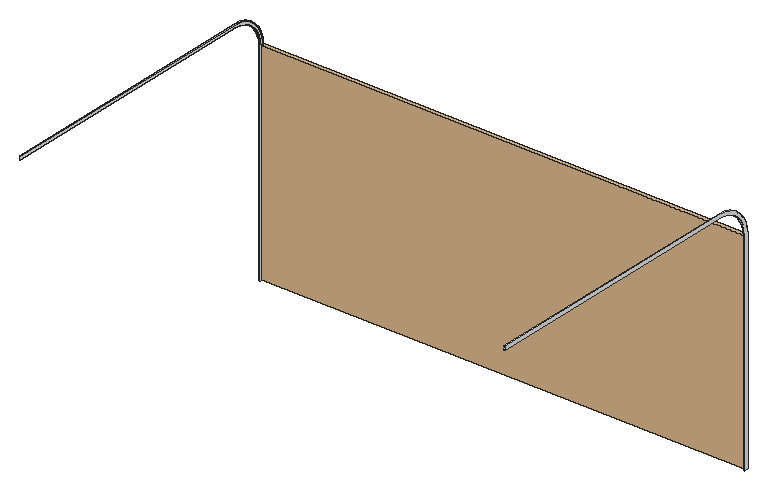
Revit family
Parameters (values of type "7Ft H x 16Ft W")
  Track Width = Width + 0' 2"  # 16' - 2"
  Track Height = Height + 1' 0"  # 8' - 0"
  Track Depth = 10' - 0"
  SmartBIM Object Version = 1  # constant formula
  SmartBIM Object Created By = "Reed Construction Data"  # constant formula
  Rough Width = 0' - 0"
  Rough Height = 0' - 0"
  Panel Thickness = 0' - 1 1/2"
  Manufacturer = ""
  Height = 7' - 0"
  Wall Closure = (empty or 0)
  Width = 16' - 0"
  Door Glass = Glass
  Door = Wood
  95 CSI = "08360"  # constant formula
  04 CSI = "08 36 13"  # constant formula
Types (3): name | Track Width | Width
  (no name) | 16' - 2" | 16' - 0"
  7Ft H x 8Ft W | 8' - 2" | 8' - 0"
  7Ft H x 16Ft W | 16' - 2" | 16' - 0"
Reference planes (in)
  plane 1 "Center (Front/Back)": y = 0
  plane 2 "Center (Left/Right)": x = 0
  plane 3 "Left": x = -96
  plane 4 "Right": x = 96
  plane 5 "Top": z = 84
  plane 6: x = -97
  plane 7: x = 97
  plane 8: y = -3.25
  plane 9: z = 60.75
  plane 10: z = 39.16667
  plane 11: z = 81
  plane 12: y = -2.5
  plane 13: y = -2.5
  plane 14 "Ext": y = -3.25
  plane 15: y = -2.5
  plane 16 "Int": y = -1.75
  plane 17: z = 77
  plane 18: x = 94
  plane 19: x = -94
  plane 20: x = 4
  plane 21: x = 50
  plane 22: z = 73
  plane 23: x = -4
  plane 24: z = 58.75
  plane 25: z = 40.16667
  plane 26: z = 38.16667
  plane 27: z = 1
  plane 28: y = -3
  plane 29: z = 19.58333
  plane 30: z = 20.58333
  plane 31: z = 18.58333
  plane 32: z = 58.25
  plane 33: x = 93.5
  plane 34: x = 4.5
  plane 35: x = -4.5
  plane 36: x = -94
  plane 37: x = -93.5
  plane 38: x = 49
  plane 39: x = 51
  plane 40: x = -50
  plane 41: x = -48
  plane 42: x = -49
  plane 43: x = 72.25
  plane 44: x = 73.25
  plane 45: x = 71.25
  plane 46: x = 26.75
  plane 47: x = 27.75
  plane 48: x = 25.75
  plane 49: x = -26.25
  plane 50: x = -25.25
  plane 51: x = -27.25
  plane 52: x = -71.75
  plane 53: x = -70.75
  plane 54: x = -72.75
Forms (in)
  Extrusion 1, solid, material "Wood" <- "Door"
    sketch origin (0, 0, 0) x (1, 0, 0) y (0, 0, 1)
      loop
        line (-97, 84) -> (-97, 0) -> (97, 0) -> (97, 84) -> (-97, 84)
    from 1.75 to 3.25
Lines and regions (in)
  Opening 1
    outline origin (-90, -1.75, 0) x (1, 0, 0) y (0, 0, 1)
      loop
        line (-6, 0) -> (186, 0) -> (186, 84) -> (-6, 84) -> (-6, 0)
  model lines
    curve 1: line (-4.5, -1.75, 58.25) -> (-25.25, -1.75, 58.25)
    curve 2: line (-93.5, -1.75, 58.25) -> (-93.5, -1.75, 1)
    curve 3: line (-93.5, -1.75, 1) -> (-72.75, -1.75, 1)
    curve 4: line (-4.5, -1.75, 1) -> (-4.5, -1.75, 58.25)
    curve 5: line (93.5, -1.75, 73) -> (93.5, -1.75, 60.75)
    curve 6: line (51, -1.75, 60.75) -> (93.5, -1.75, 60.75)
    curve 7: line (4.5, -1.75, 72.68863) -> (4.5, -1.75, 60.75)
    curve 8: line (4.5, -1.75, 60.75) -> (49, -1.75, 60.75)
    curve 9: line (49, -1.75, 60.75) -> (49, -1.75, 77)
    curve 10: line (51, -1.75, 60.75) -> (51, -1.75, 77)
    curve 11: line (93.5, -1.75, 58.25) -> (73.25, -1.75, 58.25)
    curve 12: line (93.5, -1.75, 1) -> (93.5, -1.75, 58.25)
    curve 13: line (4.5, -1.75, 1) -> (25.75, -1.75, 1)
    curve 14: line (4.5, -1.75, 58.25) -> (4.5, -1.75, 1)
    curve 15: arc (93.5, -1.75, 73) -> (72.33628, -1.75, 75.91668) -> (51, -1.75, 77) r 247.85136
    curve 16: arc (4.5, -1.75, 72.68863) -> (26.65254, -1.75, 75.85022) -> (49, -1.75, 77) r 247.73445
    curve 17: line (-4, -1.75, 73.11451) -> (-4, -1.75, 60.75)
    curve 18: line (-4, -1.75, 60.75) -> (-48, -1.75, 60.75)
    curve 19: line (-48, -1.75, 60.75) -> (-48, -1.75, 77.73821)
    curve 20: arc (-4, -1.75, 73.11451) -> (-25.8791, -1.75, 76.57691) -> (-48, -1.75, 77.73821) r 212.07162
    curve 21: line (-93.5, -1.75, 73) -> (-93.5, -1.75, 60.75)
    curve 22: line (-50, -1.75, 60.75) -> (-93.5, -1.75, 60.75)
    curve 23: line (-50, -1.75, 60.75) -> (-50, -1.75, 77.68077)
    curve 24: arc (-93.5, -1.75, 73) -> (-71.87065, -1.75, 76.46167) -> (-50, -1.75, 77.68077) r 212.72761
    curve 25: arc (-93.5, -3.25, 73) -> (-71.87065, -3.25, 76.46167) -> (-50, -3.25, 77.68077) r 212.72761
    curve 26: line (-50, -3.25, 77.68077) -> (-50, -3.25, 60.75)
    curve 27: line (-50, -3.25, 60.75) -> (-93.5, -3.25, 60.75)
    curve 28: line (-93.5, -3.25, 60.75) -> (-93.5, -3.25, 73)
    curve 29: arc (-4, -3.25, 73.11451) -> (-25.8791, -3.25, 76.57691) -> (-48, -3.25, 77.73821) r 212.07162
    curve 30: line (-48, -3.25, 77.73821) -> (-48, -3.25, 60.75)
    curve 31: line (-48, -3.25, 60.75) -> (-4, -3.25, 60.75)
    curve 32: line (-4, -3.25, 60.75) -> (-4, -3.25, 73.11451)
    curve 33: arc (4.5, -3.25, 72.68863) -> (26.65254, -3.25, 75.85022) -> (49, -3.25, 77) r 247.73445
    curve 34: line (49, -3.25, 77) -> (49, -3.25, 60.75)
    curve 35: line (49, -3.25, 60.75) -> (4.5, -3.25, 60.75)
    curve 36: line (4.5, -3.25, 60.75) -> (4.5, -3.25, 72.68863)
    curve 37: arc (93.5, -3.25, 73) -> (72.33628, -3.25, 75.91668) -> (51, -3.25, 77) r 247.85136
    curve 38: line (51, -3.25, 77) -> (51, -3.25, 60.75)
    curve 39: line (51, -3.25, 60.75) -> (93.5, -3.25, 60.75)
    curve 40: line (93.5, -3.25, 60.75) -> (93.5, -3.25, 73)
    curve 41: line (93.5, -3.25, 58.25) -> (73.25, -3.25, 58.25)
    curve 42: line (4.5, -3.25, 58.25) -> (4.5, -3.25, 1)
    curve 43: line (4.5, -3.25, 1) -> (25.75, -3.25, 1)
    curve 44: line (93.5, -3.25, 1) -> (93.5, -3.25, 58.25)
    curve 45: line (-4.5, -3.25, 58.25) -> (-25.25, -3.25, 58.25)
    curve 46: line (-93.5, -3.25, 58.25) -> (-93.5, -3.25, 1)
    curve 47: line (-93.5, -3.25, 1) -> (-72.75, -3.25, 1)
    curve 48: line (-4.5, -3.25, 1) -> (-4.5, -3.25, 58.25)
    curve 49: line (51, -1.75, 1) -> (51, -1.75, 58.25)
    curve 50: line (49, -1.75, 58.25) -> (49, -1.75, 1)
    curve 51: line (51, -1.75, 1) -> (71.25, -1.75, 1)
    curve 52: line (49, -1.75, 58.25) -> (27.75, -1.75, 58.25)
    curve 53: line (-48, -1.75, 1) -> (-48, -1.75, 58.25)
    curve 54: line (-50, -1.75, 1) -> (-50, -1.75, 58.25)
    curve 55: line (-48, -1.75, 1) -> (-27.25, -1.75, 1)
    curve 56: line (-50, -1.75, 58.25) -> (-70.75, -1.75, 58.25)
    curve 57: line (73.25, -1.75, 58.25) -> (73.25, -1.75, 1)
    curve 58: line (71.25, -1.75, 58.25) -> (71.25, -1.75, 1)
    curve 59: line (27.75, -1.75, 58.25) -> (27.75, -1.75, 1)
    curve 60: line (25.75, -1.75, 58.25) -> (25.75, -1.75, 1)
    curve 61: line (-25.25, -1.75, 58.25) -> (-25.25, -1.75, 1)
    curve 62: line (-27.25, -1.75, 58.25) -> (-27.25, -1.75, 1)
    curve 63: line (-70.75, -1.75, 58.25) -> (-70.75, -1.75, 1)
    curve 64: line (-72.75, -1.75, 58.25) -> (-72.75, -1.75, 1)
    curve 65: line (-70.75, -1.75, 1) -> (-50, -1.75, 1)
    curve 66: line (-25.25, -1.75, 1) -> (-4.5, -1.75, 1)
    curve 67: line (27.75, -1.75, 1) -> (49, -1.75, 1)
    curve 68: line (73.25, -1.75, 1) -> (93.5, -1.75, 1)
    curve 69: line (-72.75, -1.75, 58.25) -> (-93.5, -1.75, 58.25)
    curve 70: line (-27.25, -1.75, 58.25) -> (-48, -1.75, 58.25)
    curve 71: line (25.75, -1.75, 58.25) -> (4.5, -1.75, 58.25)
    curve 72: line (71.25, -1.75, 58.25) -> (51, -1.75, 58.25)
    curve 73: line (-72.75, -3.25, 1) -> (-72.75, -3.25, 58.25)
    curve 74: line (-70.75, -3.25, 1) -> (-70.75, -3.25, 58.25)
    curve 75: line (-27.25, -3.25, 1) -> (-27.25, -3.25, 58.25)
    curve 76: line (-25.25, -3.25, 1) -> (-25.25, -3.25, 58.25)
    curve 77: line (25.75, -3.25, 1) -> (25.75, -3.25, 58.25)
    curve 78: line (27.75, -3.25, 1) -> (27.75, -3.25, 58.25)
    curve 79: line (71.25, -3.25, 1) -> (71.25, -3.25, 58.25)
    curve 80: line (73.25, -3.25, 1) -> (73.25, -3.25, 58.25)
    curve 81: line (71.25, -3.25, 58.25) -> (51, -3.25, 58.25)
    curve 82: line (25.75, -3.25, 58.25) -> (4.5, -3.25, 58.25)
    curve 83: line (73.25, -3.25, 1) -> (93.5, -3.25, 1)
    curve 84: line (27.75, -3.25, 1) -> (49, -3.25, 1)
    curve 85: line (-25.25, -3.25, 1) -> (-4.5, -3.25, 1)
    curve 86: line (-70.75, -3.25, 1) -> (-50, -3.25, 1)
    curve 87: line (-72.75, -3.25, 58.25) -> (-93.5, -3.25, 58.25)
    curve 88: line (-27.25, -3.25, 58.25) -> (-48, -3.25, 58.25)
    curve 89: line (-48, -3.25, 58.25) -> (-48, -3.25, 1)
    curve 90: line (-50, -3.25, 1) -> (-50, -3.25, 58.25)
    curve 91: line (49, -3.25, 1) -> (49, -3.25, 58.25)
    curve 92: line (51, -3.25, 58.25) -> (51, -3.25, 1)
    curve 93: line (49, -3.25, 58.25) -> (27.75, -3.25, 58.25)
    curve 94: line (51, -3.25, 1) -> (71.25, -3.25, 1)
    curve 95: line (-48, -3.25, 1) -> (-27.25, -3.25, 1)
    curve 96: line (-50, -3.25, 58.25) -> (-70.75, -3.25, 58.25)
Text (in)
  text "Exterior" at (-74.96733, 27.31104, 0), in view "Ref. Level"
  text "Interior" at (-76.69036, -30.31274, 0), in view "Ref. Level"
  text "Exterior" at (0, 40.15149, 123.01588), in view "Right"
  text "Interior" at (0, -64.39139, 123.01588), in view "Right"
  text "Interior" at (0, -31.01599, 123.00693), in view "Left"
  text "Exterior" at (0, 54.57065, 123.00693), in view "Left"
Dimensions and locks (in)
  equal spacing: plane 3 "Left", plane 2 "Center (Left/Right)", plane 4 "Right"
  "Height": level to plane 5 "Top"
  "Width": plane 3 "Left" to plane 4 "Right"
  locked: plane 6 to plane 3 "Left" at 1
  locked: plane 4 "Right" to plane 7 at 1
  locked: plane 11 to plane 5 "Top" at 3
  host wall to plane 12 to plane 8 = 0' - 0 3/4", 0' - 0 3/4"
  equal spacing: plane 14 "Ext", plane 15, plane 16 "Int"
  "Panel Thickness": plane 16 "Int" to plane 14 "Ext"
  locked: plane 17 to plane 11 at 4
  locked: plane 18 to plane 4 "Right" at 2
  locked: plane 3 "Left" to plane 19 at 2
  locked: plane 22 to plane 17 at 4
  locked: plane 24 to plane 9 at 2
  locked: plane 9 to plane 11 at 20.25
  locked: plane 10 to plane 25 at 1
  locked: plane 26 to plane 10 at 1
  locked: plane 27 to level at 1
  locked: plane 28 to plane 15 at 0.5
  locked: plane 29 to plane 30 at 1
  locked: plane 31 to plane 29 at 1
  equal spacing: level, plane 29, plane 10, plane 24
  equal spacing: plane 20, plane 21, plane 4 "Right"
  locked: plane 23 to plane 35 at 0.5
  locked: plane 33 to plane 18 at 0.5
  locked: curve 15 to plane 11 at 4
  locked: curve 16 to plane 11 at 4
  locked: plane 36 to plane 37 at 0.5
  equal spacing: plane 34, plane 38, plane 33
  locked: plane 20 to plane 34 at 0.5
  equal spacing: plane 23, plane 40, plane 3 "Left"
  equal spacing: plane 37, plane 42, plane 35
  equal spacing: plane 35, plane 2 "Center (Left/Right)", plane 34  (x2)
  equal spacing: plane 23, plane 2 "Center (Left/Right)", plane 20
  equal spacing: plane 38, plane 21, plane 39
  equal spacing: curve 54, plane 42, plane 41
  locked: plane 45 to plane 43 at 1
  locked: plane 43 to plane 44 at 1
  locked: plane 48 to plane 46 at 1
  locked: plane 46 to plane 47 at 1
  locked: plane 51 to plane 49 at 1
  locked: plane 49 to plane 50 at 1
  locked: plane 54 to plane 52 at 1
  locked: plane 52 to plane 53 at 1
  equal spacing: plane 41, plane 49, plane 35
  equal spacing: plane 40, plane 52, plane 37
  equal spacing: plane 39, plane 43, plane 33
  equal spacing: plane 34, plane 46, plane 38
  locked: plane 32 to plane 11 at 22.75
  aligned and locked: plane 3 "Left" to Opening 1 sketch curve
  aligned and locked: plane 5 "Top" to Opening 1 sketch curve
  aligned and locked: Opening 1 sketch curve to plane 5 "Top"
  aligned and locked: Opening 1 sketch curve to plane 4 "Right"
  aligned and locked: Opening 1 sketch curve to level
  aligned and locked: Extrusion 1 sketch curve to plane 6
  aligned and locked: Extrusion 1 sketch curve to plane 7
  aligned and locked: Extrusion 1 sketch curve to level
  aligned and locked: Extrusion 1 sketch curve to host wall
  aligned and locked: plane 12 to plane 13
  aligned and locked: host wall to plane 16 "Int"
  aligned and locked: plane 13 to plane 15
  aligned and locked: plane 14 "Ext" to Extrusion 1
  aligned and locked: Extrusion 1 to host wall
  aligned and locked: plane 36 to plane 19
  aligned and locked: curve 6 to plane 9
  aligned and locked: plane 34 to curve 7
  aligned and locked: curve 8 to plane 9
  aligned and locked: curve 5 to plane 33
  aligned and locked: curve 12 to curve 5
  aligned and locked: plane 37 to curve 2
  aligned and locked: plane 39 to curve 10
  aligned and locked: plane 23 to curve 17
  aligned and locked: curve 18 to plane 9
  aligned and locked: plane 41 to curve 19
  aligned and locked: plane 38 to curve 9
  aligned and locked: curve 25 to curve 24
  aligned and locked: curve 26 to curve 23
  aligned and locked: curve 27 to curve 22
  aligned and locked: curve 28 to curve 21
  aligned and locked: curve 29 to curve 20
  aligned and locked: curve 30 to curve 19
  aligned and locked: curve 31 to curve 18
  aligned and locked: curve 32 to curve 17
  aligned and locked: curve 33 to curve 16
  aligned and locked: curve 34 to curve 9
  aligned and locked: curve 35 to curve 8
  aligned and locked: curve 36 to curve 7
  aligned and locked: curve 37 to curve 15
  aligned and locked: curve 38 to curve 10
  aligned and locked: curve 39 to curve 6
  aligned and locked: curve 40 to curve 5
  aligned and locked: curve 41 to curve 11
  aligned and locked: curve 42 to curve 14
  aligned and locked: curve 43 to curve 13
  aligned and locked: curve 44 to curve 12
  aligned and locked: curve 45 to curve 1
  aligned and locked: curve 46 to curve 2
  aligned and locked: curve 47 to curve 3
  aligned and locked: curve 48 to curve 4
  aligned and locked: curve 49 to plane 39
  aligned and locked: curve 23 to plane 40
  aligned and locked: curve 3 to curve 54
  aligned and locked: plane 44 to curve 57
  aligned and locked: plane 45 to curve 58
  aligned and locked: plane 47 to curve 59
  aligned and locked: plane 48 to curve 60
  aligned and locked: plane 50 to curve 61
  aligned and locked: plane 51 to curve 62
  aligned and locked: plane 53 to curve 63
  aligned and locked: plane 54 to curve 64
  aligned and locked: curve 73 to plane 54
  aligned and locked: curve 74 to plane 53
  aligned and locked: curve 75 to plane 51
  aligned and locked: curve 76 to plane 50
  aligned and locked: curve 77 to plane 48
  aligned and locked: curve 78 to plane 47
  aligned and locked: curve 79 to plane 45
  aligned and locked: curve 80 to plane 44
  aligned and locked: plane 41 to curve 89
  aligned and locked: plane 40 to curve 90
  aligned and locked: curve 91 to plane 38
  aligned and locked: plane 39 to curve 92
  aligned and locked: nested 1 to plane 2 "Center (Left/Right)"
  aligned and locked: nested 1 to plane 14 "Ext"
Automatic sketch dimensions
  curve 21 to plane 22 = 0' - 0"
  curve 21 to plane 37 = 0' - 0"
  plane 17 to curve 24 = 0' - 0.68077"
  curve 22 to plane 9 = 0' - 0"
  curve 4 to plane 32 = 0' - 0"
  curve 4 to plane 35 = 0' - 0"
  curve 14 to plane 34 = 0' - 0"
  curve 15 to plane 22 = 0' - 0"
  plane 40 to curve 24 = 0' - 0.88827"
  plane 41 to curve 20 = 0' - 0.04238"
  curve 15 to plane 38 = 0' - 0.11173"
  plane 39 to curve 16 = 0' - 0.45762"
  curve 15 to curve 16 = 0' - 0.11451"
  curve 24 to curve 20 = 0' - 0.71158"
  plane 22 to curve 17 = 0' - 0.11451"
  curve 50 to plane 38 = 0' - 0"
  curve 50 to curve 49 = 0' - 0"
  curve 49 to curve 50 = 0' - 0"
  curve 54 to curve 53 = 0' - 0"
  curve 53 to curve 54 = 0' - 0"
  curve 55 to plane 27 = 0' - 0"
  curve 55 to plane 41 = 0' - 0"
  curve 58 to curve 57 = 0' - 0"
  curve 57 to curve 58 = 0' - 0"
  curve 60 to curve 59 = 0' - 0"
  curve 59 to curve 60 = 0' - 0"
  curve 62 to curve 61 = 0' - 0"
  curve 61 to curve 62 = 0' - 0"
  curve 63 to curve 64 = 0' - 0"
  curve 13 to plane 27 = 0' - 0"
  curve 72 to plane 32 = 0' - 0"
  curve 73 to curve 74 = 0' - 0"
  curve 75 to curve 76 = 0' - 0"
  curve 77 to curve 78 = 0' - 0"
  curve 79 to curve 80 = 0' - 0"
  curve 83 to plane 27 = 0' - 0"
  curve 84 to plane 27 = 0' - 0"
  curve 85 to plane 27 = 0' - 0"
  curve 86 to plane 27 = 0' - 0"
  curve 92 to curve 91 = 0' - 0"
  curve 96 to plane 32 = 0' - 0"
  curve 95 to plane 27 = 0' - 0"
  curve 42 to plane 32 = 0' - 0"
Nested families (in)
  nested 1: "Door Track" at (-0.5, -64, 0), Width <- "Track Width", Height <- "Track Height", Depth <- "Track Depth", type "Door Track"
    with Width 16' - 2", Height 8' - 0", Depth 10' - 0"
Definition of nested family "Door Track"
  Parameters
    Width [instance] = 10' - 0"
    Track = Metal
    Height [instance] = 11' - 0"
    Depth [instance] = 10' - 0"
  Reference planes (in)
    plane 1 "Center (Front/Back)": y = 0
    plane 2: z = 0
    plane 3 "Center (Left/Right)": x = 0.5
    plane 4 "Back": y = 60
    plane 5 "Front": y = -60
    plane 6 "Left": x = -59.5
    plane 7 "Right": x = 60.5
    plane 8 "Top": z = 132
    plane 9 "Center (Up/Down)": z = 66
    plane 10: y = 60.75
    plane 11: y = 61.5
  Forms (in)
    Sweep 1, solid, material "Metal" <- "Track"
      path origin (60.5, 60, 48) x (0, 1, 0) y (0, 0, 1)
        loop
          line (0, -48) -> (0, 72)
          arc (0, 72) -> (-3.51472, 80.48528) -> (-12, 84) r 12
          line (-12, 84) -> (-120, 84)
      profile origin (60.5, -6, 132) x (0, 0, -1) y (1, 0, 0)
        loop
          line (-1.5, 0) -> (-1.375, 0) -> (-1.375, 0.375) -> (-0.125, 0.375) -> (-0.125, 0) -> (0, 0) -> (0, 0.5) -> (-1.5, 0.5) -> (-1.5, 0)
    Sweep 2, solid, material "Metal" <- "Track"
      path origin (-59.5, 60, 48) x (0, 1, 0) y (0, 0, 1)
        loop
          line (0, -48) -> (0, 72)
          arc (0, 72) -> (-3.51472, 80.48528) -> (-12, 84) r 12
          line (-12, 84) -> (-120, 84)
      profile origin (-59.5, -6, 132) x (0, 0, -1) y (1, 0, 0)
        loop
          line (-1.5, 0) -> (-1.5, -0.5) -> (0, -0.5) -> (0, 0) -> (-0.125, 0) -> (-0.125, -0.375) -> (-1.375, -0.375) -> (-1.375, 0) -> (-1.5, 0)
  Dimensions and locks (in)
    equal spacing: plane 6 "Left", plane 3 "Center (Left/Right)", plane 7 "Right"
    "Width": plane 6 "Left" to plane 7 "Right"
    equal spacing: plane 4 "Back", plane 1 "Center (Front/Back)", plane 5 "Front"
    "Depth": plane 4 "Back" to plane 5 "Front"
    "Height": plane 8 "Top" to plane 2
    equal spacing: plane 8 "Top", plane 9 "Center (Up/Down)", level
    locked: Sweep 2 sketch curve to Sweep 2 sketch curve at 0.125  (x3)
    locked: Sweep 2 sketch curve to Sweep 2 sketch curve at 0.5  (x2)
    locked: Sweep 2 sketch curve to Sweep 2 sketch curve at 1.5
    locked: Sweep 1 sketch curve to Sweep 1 sketch curve at 0.5  (x2)
    locked: Sweep 1 sketch curve to Sweep 1 sketch curve at 0.125  (x3)
    locked: Sweep 1 sketch curve to Sweep 1 sketch curve at 1.5
    equal spacing: plane 4 "Back", plane 10, plane 11
    locked: plane 10 to plane 11 at 0.75
    radius of Sweep 1 sketch curve = 1' - 0"
    radius of Sweep 2 sketch curve = 1' - 0"
    aligned and locked: plane 8 "Top" to Sweep 1 sketch curve  (x2)
    aligned and locked: plane 5 "Front" to Sweep 1 sketch curve
    aligned and locked: plane 4 "Back" to Sweep 1 sketch curve
    aligned and locked: plane 4 "Back" to Sweep 2 sketch curve
    aligned and locked: plane 5 "Front" to Sweep 2 sketch curve
    aligned and locked: level to Sweep 2 sketch curve
    aligned and locked: Sweep 2 sketch curve to profile plane  (x2)
    aligned and locked: Sweep 1 sketch curve to profile plane
    aligned and locked: plane 11 to Sweep 1
  Automatic sketch dimensions
    Sweep 1 sketch curve to level = 0' - 0"
    Sweep 2 sketch curve to plane 8 "Top" = 0' - 0"
